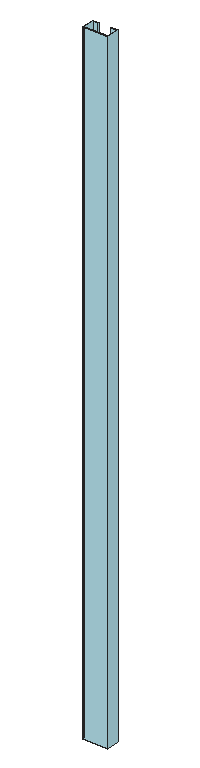
Revit family "as40x20x10x1-6", category 機械設備, Revit 2022
Family settings
  丸型コネクタ寸法 = 直径を使用
  種別 = なし
  パーツ タイプ = 標準
  作業面ベース = いいえ
  常に垂直 = はい
  ロード時にボイドで切り取り = いいえ
  注釈の向きを維持 = いいえ
  共有 = いいえ
  部屋計算ポイント = いいえ
Parameters
  製造元 = "株式会社桐井製作所"
  既定の高さ = 0 mm
  URL = "https://www.kirii.co.jp/"
  K_長さ(mm) [instance] = 1000 mm
  K_外形寸法(mm) = "40×20×10×1.6"
  K_品名 = "リップ付チャンネルAS-40×20×10×1.6"
  K_名称 = "斜め部材(ブレース材)"
  K_バージョン情報 = "20210714"
Reference planes
  plane 1 "中心(正面/背面)": y = 0
  plane 2: z = 0
  plane 3 "中心(左/右)": x = 0
  plane 4: x = 20
  plane 5: x = -20
  plane 6: z = 1000
Forms (mm)
  Extrusion 1, solid
    sketch origin (0, 1, 0) x (1, 0, 0) y (0, 1, 0)
      loop
        line (-20, 19) -> (-20, -1) -> (20, -1) -> (20, 19) -> (10, 19) -> (10, 17.4) -> (18.4, 17.4) -> (18.4, 0.6) -> (-18.4, 0.6) -> (-18.4, 17.4) -> (-10, 17.4) -> (-10, 19) -> (-20, 19)
    from 0 to 1000
Dimensions and locks
  "K_長さ(mm)": plane 6 to plane 2
  aligned and locked: level to plane 2
  aligned and locked: plane 6 to Extrusion 1
Automatic sketch dimensions
  Extrusion 1 sketch curve to plane 4 = 0 mm
  Extrusion 1 sketch curve to plane 4 = 10 mm
  Extrusion 1 sketch curve to plane 1 "中心(正面/背面)" = 18.4 mm  (x2)
  Extrusion 1 sketch curve to Extrusion 1 sketch curve = 1.6 mm  (x2)
  Extrusion 1 sketch curve to plane 3 "中心(左/右)" = 10 mm
  plane 5 to Extrusion 1 sketch curve = 1.6 mm
  Extrusion 1 sketch curve to plane 1 "中心(正面/背面)" = 1.6 mm
  Extrusion 1 sketch curve to plane 4 = 1.6 mm
  Extrusion 1 sketch curve to plane 5 = 0 mm
  plane 1 "中心(正面/背面)" to Extrusion 1 sketch curve = 0 mm
